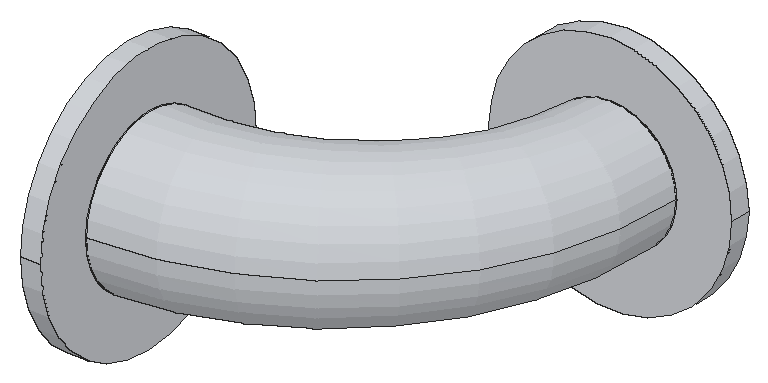
Revit family "M_Redução de cotovelo de raio longo - Flange - GI - Classe 25", category Conexões de tubo, Revit 2019
Family settings
  Cota do conector redondo = Usar raio
  Tipo de parte = Cotovelo
  Número OmniClass = 23.60.30.11.14
  Título OmniClass = Pipework Fittings
  ID de item do Seek = Elbow Reducing Long Radius - Flanged - GI - Class 25-0000-CAN-ENU
  Com base no plano de trabalho = Não
  Sempre na vertical = Sim
  Corte com vazios quando carregada = Não
  Compartilhado = Não
Parameters (values of type "Padrão")
  Espessura da parede 2 [instance] = size_lookup(Nome da tabela de pesquisa, "WThk", 0.02 * Diâmetro nominal 2 + 8.334 mm, Diâmetro nominal 2)  # 11 mm
  Espessura da parede 1 [instance] = size_lookup(Nome da tabela de pesquisa, "WThk", 0.02 * Diâmetro nominal 1 + 8.334 mm, Diâmetro nominal 1)  # 11 mm
  Tamanho da marca de cota 2 [instance] = Diâmetro da flange 2 * 0.4  # 91.6 mm
  Tamanho da marca de cota 1 [instance] = Diâmetro da flange 1 * 0.4  # 101.6 mm
  Raio nominal 2 [instance] = 50 mm
  Diâmetro nominal 2 [instance] = Raio nominal 2 * 2  # 100 mm
  Método de perda = Coeficiente K da tabela
  Nome da tabela de pesquisa = "M_Elbow Reducing Long Radius - Flanged - GI - Class 25"
  Comprimento 9 [instance] = Espessura da flange 2 + Comprimento 5  # 19.794 mm
  Comprimento 8 [instance] = Centro à face - if(Diâmetro nominal máximo 12 = Diâmetro nominal 1, Espessura da flange 1, Espessura da flange 2)  # 241 mm
  Comprimento 7 [instance] = Comprimento 1 + Comprimento 1 * cos(Ângulo) + (Espessura da flange 2 + Comprimento 5) * cos(Ângulo)  # 241 mm
  Comprimento 6 [instance] = (Espessura da flange 2 + Comprimento 5) * sin(Ângulo)  # 19.794 mm
  Comprimento 5 [instance] = if(Diâmetro nominal máximo 12 = Diâmetro nominal 2, 0.794 mm, if(Centro à face - Espessura da flange 2 - Comprimento 1 > 0.794 mm, Centro à face - Espessura da flange 2 - Comprimento 1, 0.794 mm))  # 0.794 mm
  Comprimento 4 [instance] = if(Diâmetro nominal máximo 12 = Diâmetro nominal 1, 0.794 mm, if(Centro à face - Espessura da flange 1 - Comprimento 1 > 0.794 mm, Centro à face - Espessura da flange 1 - Comprimento 1, 0.794 mm))  # 0.794 mm
  Comprimento 3 [instance] = Comprimento 1 + Comprimento 1 * cos(Ângulo)  # 241 mm
  Comprimento 2 [instance] = Comprimento 1 * sin(Ângulo)  # 241 mm
  Diâmetro nominal máximo 12 [instance] = if(Diâmetro nominal 1 > Diâmetro nominal 2, Diâmetro nominal 1, Diâmetro nominal 2)  # 125 mm
  Tabela de coeficiente K = "Cotovelo com raio longo flangeado 45, 90 e 180"
  Espessura da flange 2 [instance] = size_lookup(Nome da tabela de pesquisa, "FThk", 0.03 * Diâmetro nominal 2 + 16.768 mm, Diâmetro nominal 2)  # 19 mm
  Raio da flange 2 [instance] = Diâmetro da flange 2 / 2  # 114.5 mm
  Diâmetro da flange 2 [instance] = size_lookup(Nome da tabela de pesquisa, "FDia", 1.16 * Diâmetro nominal 2 + 119.062 mm, Diâmetro nominal 2)  # 229 mm
  Raio externo da conexão 2 [instance] = Diâmetro externo da conexão 2 / 2  # 62 mm
  Raio externo da conexão 1 [instance] = Diâmetro externo da conexão 1 / 2  # 74.5 mm
  Diâmetro externo da conexão 2 [instance] = Diâmetro interno da conexão 2 + Espessura da parede 2 * 2  # 124 mm
  Diâmetro externo da conexão 1 [instance] = Diâmetro interno da conexão 1 + Espessura da parede 1 * 2  # 149 mm
  Comprimento 1 [instance] = if(Diâmetro nominal máximo 12 * tan(Ângulo / 2) > Comprimento 8, Diâmetro nominal máximo 12 * tan(Ângulo / 2) + 0.794 mm, Comprimento 8)  # 241 mm
  Raio nominal 1 [instance] = 62.5 mm
  Diâmetro nominal 1 [instance] = Raio nominal 1 * 2  # 125 mm
  Diâmetro interno da conexão 2 [instance] = size_lookup(Nome da tabela de pesquisa, "FID", 1.02 * Diâmetro nominal 2 - 0 mm, Diâmetro nominal 2)  # 102 mm
  Diâmetro interno da conexão 1 [instance] = size_lookup(Nome da tabela de pesquisa, "FID", 1.02 * Diâmetro nominal 1 - 0 mm, Diâmetro nominal 1)  # 127 mm
  Centro à face [instance] = size_lookup(Nome da tabela de pesquisa, "CtF", 1.27 * Diâmetro nominal máximo 12 + 101.699 mm, Diâmetro nominal máximo 12)  # 260 mm
  Raio do centro [instance] = Comprimento 1 / tan(Ângulo / 2)  # 241 mm
  Espessura da flange 1 [instance] = size_lookup(Nome da tabela de pesquisa, "FThk", 0.03 * Diâmetro nominal 1 + 16.768 mm, Diâmetro nominal 1)  # 19 mm
  Raio da flange 1 [instance] = Diâmetro da flange 1 / 2  # 127 mm
  Diâmetro da flange 1 [instance] = size_lookup(Nome da tabela de pesquisa, "FDia", 1.16 * Diâmetro nominal 1 + 119.062 mm, Diâmetro nominal 1)  # 254 mm
  Assembly Code = ""
  Ângulo [instance] = 90.00°
Reference planes
  plane 1 "Centro (Frente/Trás)": y = 0
  plane 2: z = 0
  plane 3 "Centro (Esquerda/Direita)": x = 0
  plane 4: x = -241
  plane 5: y = 241
  plane 6: x = 0
  plane 7: y = 241
  plane 8: x = -241.794
  plane 9: x = -260.794
  plane 10: x = 0
  plane 11: y = 260.794
Forms (mm)
  Sweep 1, solid, detail levels fine
    path in 3D
      loop
        line (-241.794, 0, 0) -> (-241, 0, 0)
    profile origin (-241.397, 0, 0) x (0, 1, 0) y (0, 0, 1)
      loop
        circle (0, 0) r 74.5
  Sweep 2, solid, detail levels fine
    path in 3D
      loop
        line (-241.794, 0, 0) -> (-260.794, 0, 0)
    profile origin (-251.294, 0, 0) x (0, -1, 0) y (0, 0, 1)
      loop
        circle (0, 0) r 127
  SweptBlend 3, solid, detail levels fine
    path in 3D
      loop
        arc (-241, 0, 0) -> (-70.587, 70.587, 0) -> (0, 241, 0) r 241
    profile origin (-241, 0, 0) x (0, 1, 0) y (0, 0, 1)
      loop
        circle (0, 0) r 74.5
    end profile origin (0, 241, 0) x (-1, 0, 0) y (0, 0, 1)
      loop
        circle (0, 0) r 62
  Sweep 4, solid, detail levels fine
    path in 3D
      loop
        line (0, 241, 0) -> (0, 241.794, 0)
    profile origin (0, 241.397, 0) x (-1, 0, 0) y (0, 0, 1)
      loop
        circle (0, 0) r 62
  Sweep 5, solid, detail levels fine
    path in 3D
      loop
        line (0, 260.794, 0) -> (0, 241.794, 0)
    profile origin (0, 251.294, 0) x (1, 0, 0) y (0, 0, 1)
      loop
        circle (0, 0) r 114.5
Cuts and joins
  joined: Sweep 1, Sweep 2
Lines and regions (mm)
  model lines, detail levels coarse+medium
    curve 1: line (-241.794, 0, 0) -> (-241, 0, 0)
    curve 2: line (-241.794, 0, 0) -> (-260.794, 0, 0)
    curve 5: line (-260.794, 0, 0) -> (-260.794, 101.6, 0)
    curve 6: line (-260.794, 0, 0) -> (-260.794, -101.6, 0)
    curve 14: arc (-241, 0, 0) -> (-70.587, 70.587, 0) -> (0, 241, 0) r 241
    curve 15: line (0, 260.794, 0) -> (0, 241, 0)
    curve 16: line (0, 260.794, 0) -> (91.6, 260.794, 0)
    curve 17: line (0, 260.794, 0) -> (-91.6, 260.794, 0)
  sketch lines
    curve 3: line (-241.794, 0, 0) -> (-241, 0, 0)
    curve 4: line (-241.794, 0, 0) -> (-260.794, 0, 0)
    curve 11: arc (-241, 0, 0) -> (-70.587, 70.587, 0) -> (0, 241, 0) r 241
    curve 12: line (0, 241, 0) -> (0, 241.794, 0)
    curve 13: line (0, 260.794, 0) -> (0, 241.794, 0)
  reference lines
    curve 7: line (0, 260.794, 0) -> (0, 432.244, 0)
    curve 8: arc (-241, 0, 0) -> (-70.587, 70.587, 0) -> (0, 241, 0) r 241
    curve 9: line (0, 241, 0) -> (0, 241.794, 0)
    curve 10: line (0, 260.794, 0) -> (0, 241.794, 0)
Dimensions and locks
  "Comprimento 1": plane 4 to plane 3 "Centro (Esquerda/Direita)"
  "Raio do centro": plane 5 to plane 1 "Centro (Frente/Trás)"
  "Comprimento 3": plane 4 to plane 6
  "Comprimento 2": plane 7 to plane 1 "Centro (Frente/Trás)"
  "Comprimento 4": plane 8 to plane 4
  "Espessura da flange 1": plane 9 to plane 8
  "Comprimento 6": plane 11 to plane 7
  "Tamanho da marca de cota 1": curve 5 to curve 5
  "Tamanho da marca de cota 1": curve 6 to curve 6
  "Comprimento 7": plane 4 to plane 10
  "Comprimento 5": curve 9 to curve 9
  "Espessura da flange 2": curve 10 to curve 10
  "Comprimento 9": curve 15 to curve 15
  "Tamanho da marca de cota 2": curve 16 to curve 16
  "Tamanho da marca de cota 2": curve 17 to curve 17
  "Raio externo da conexão 1": radius of Sweep 1 sketch curve
  "Raio da flange 1": radius of Sweep 2 sketch curve
  "Raio externo da conexão 1": radius of SweptBlend 3 sketch curve
  "Raio externo da conexão 2": radius of SweptBlend 3 sketch curve
  "Raio externo da conexão 2": radius of Sweep 4 sketch curve
  "Raio da flange 2": radius of Sweep 5 sketch curve
  "Ângulo": angle plane 11 to curve 7
  "Ângulo": angle curve 8 to curve 8
  "Ângulo": angle plane 7 to curve 9
  "Ângulo": angle plane 11 to curve 10
  "Ângulo": angle curve 14 to curve 14
  "Ângulo": angle plane 11 to curve 15
  "Ângulo": angle plane 10 to curve 16
  "Ângulo": angle plane 10 to curve 17
  aligned and locked: plane 1 "Centro (Frente/Trás)" to curve 1
  aligned and locked: plane 8 to curve 2
  aligned and locked: plane 1 "Centro (Frente/Trás)" to curve 6
  aligned and locked: curve 6 to plane 9
  aligned and locked: plane 11 to curve 7
  aligned and locked: plane 10 to curve 7
  aligned and locked: plane 5 to curve 8
  aligned and locked: plane 1 "Centro (Frente/Trás)" to curve 8
  aligned and locked: plane 11 to curve 10
  aligned and locked: plane 10 to curve 10
  aligned and locked: plane 4 to curve 14
  aligned and locked: plane 1 "Centro (Frente/Trás)" to curve 14
  aligned and locked: plane 11 to curve 15
  aligned and locked: plane 10 to curve 15
  aligned and locked: plane 10 to curve 17
  aligned and locked: plane 11 to curve 17
Automatic sketch dimensions
  Sweep 1 sketch curve to profile plane = 0 mm  (x2)
  Sweep 2 sketch curve to profile plane = 0 mm  (x2)
  SweptBlend 3 sketch curve to profile plane = 0 mm  (x4)
  Sweep 4 sketch curve to profile plane = 0 mm  (x2)
  profile plane to Sweep 5 sketch curve = 0 mm
  Sweep 5 sketch curve to profile plane = 0 mm
Connectors
  piping at (-260.794, 0, 0), diameter 125, driven by "Raio nominal 1", driven by "Ângulo"
    settings: on Sweep 2, index 1, connector inside diameter 125 mm, connector length 0 mm, flow factor 0, pipe flow 0.0 L/s, pressure drop 0.0 Pa, fitting loss kfactor 0, connector angle 90.00°, fixture units 0, engagement length 0 mm, angle of deflection 0.00°, flow configuration 0, flow direction 0, fitting loss method 0, system type 28, joint type 0, gender type 0, connector reference index 2, connector utility 0, adjustable connector no, is connector primary yes, connector description ""
  piping at (0, 260.794, 0), diameter 100, driven by "Raio nominal 2", driven by "Ângulo"
    settings: on Sweep 5, index 2, connector inside diameter 100 mm, connector length 0 mm, flow factor 0, pipe flow 0.0 L/s, pressure drop 0.0 Pa, fitting loss kfactor 0, connector angle 90.00°, fixture units 0, engagement length 0 mm, angle of deflection 0.00°, flow configuration 0, flow direction 0, fitting loss method 0, system type 28, joint type 0, gender type 0, connector reference index 1, connector utility 0, adjustable connector no, is connector primary no, connector description ""
